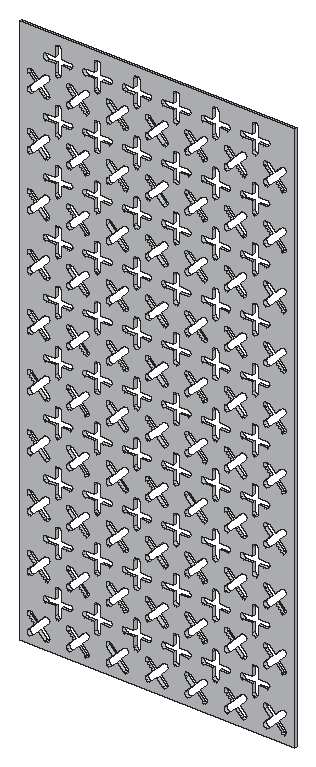
Revit family "J2 PET Felt Room Divider Jacks", category Specialty Equipment, Revit 2022
Family settings
  Round Connector Dimension = Use Diameter
  Part Type = Normal
  Work Plane-Based = No
  Always vertical = Yes
  Cut with Voids When Loaded = No
  Maintain Annotation Orientation = No
  Shared = No
  Room Calculation Point = No
Parameters
  URL = "https://www.j2systems.net/"
  Style Number = "RDJACK"  # constant formula
  Symbol Name = "RDJACK"  # constant formula
  Release Date = "2019"  # constant formula
  Product Line = "Room Divider"  # constant formula
  Model = "Jacks"  # constant formula
  Manufacturer = "J2 Systems"  # constant formula
  Keynote = ""
  Felt Color = none
  Default Elevation = 0' - 0"
Reference planes (in)
  plane 1 "Center (Front/Back)": y = 0
  plane 2: z = 0
  plane 3 "Center (Left/Right)": x = 0
Forms (in)
  Extrusion 1, solid, material <- "Felt Color"
    sketch origin (0, 0, 0) x (1, 0, 0) y (0, 0, 1)
      loop
        line (-23.5, 0) -> (23.5, 0) -> (23.5, 95) -> (-23.5, 95) -> (-23.5, 0)
      loop
        arc (-18.88181, 8.4526) -> (-19.42931, 7.90511) -> (-18.88181, 7.35761) r 0.5475
        line (-18.88181, 7.35761) -> (-17.4364, 7.35761) -> (-17.4364, 5.91219)
        arc (-17.4364, 5.91219) -> (-16.8889, 5.3647) -> (-16.3414, 5.91219) r 0.5475
        line (-16.3414, 5.91219) -> (-16.3414, 7.35761) -> (-14.89599, 7.35761)
        arc (-14.89599, 7.35761) -> (-14.34849, 7.90511) -> (-14.89599, 8.4526) r 0.5475
        line (-14.89599, 8.4526) -> (-16.3414, 8.4526) -> (-16.3414, 9.89802)
        arc (-16.3414, 9.89802) -> (-16.8889, 10.44552) -> (-17.4364, 9.89802) r 0.5475
        line (-17.4364, 9.89802) -> (-17.4364, 8.4526) -> (-18.88181, 8.4526)
      loop
        arc (-22.04581, 2.23542) -> (-22.04581, 1.46114) -> (-21.27153, 1.46114) r 0.5475
        line (-21.27153, 1.46114) -> (-20.24947, 2.4832) -> (-19.22741, 1.46114)
        arc (-19.22741, 1.46114) -> (-18.45313, 1.46114) -> (-18.45313, 2.23542) r 0.5475
        line (-18.45313, 2.23542) -> (-19.47519, 3.25748) -> (-18.45313, 4.27954)
        arc (-18.45313, 4.27954) -> (-18.45313, 5.05382) -> (-19.22741, 5.05382) r 0.5475
        line (-19.22741, 5.05382) -> (-20.24947, 4.03176) -> (-21.27153, 5.05382)
        arc (-21.27153, 5.05382) -> (-22.04581, 5.05382) -> (-22.04581, 4.27954) r 0.5475
        line (-22.04581, 4.27954) -> (-21.02375, 3.25748) -> (-22.04581, 2.23542)
      loop
        arc (-12.13181, 8.4526) -> (-12.67931, 7.90511) -> (-12.13181, 7.35761) r 0.5475
        line (-12.13181, 7.35761) -> (-10.6864, 7.35761) -> (-10.6864, 5.91219)
        arc (-10.6864, 5.91219) -> (-10.1389, 5.3647) -> (-9.5914, 5.91219) r 0.5475
        line (-9.5914, 5.91219) -> (-9.5914, 7.35761) -> (-8.14599, 7.35761)
        arc (-8.14599, 7.35761) -> (-7.59849, 7.90511) -> (-8.14599, 8.4526) r 0.5475
        line (-8.14599, 8.4526) -> (-9.5914, 8.4526) -> (-9.5914, 9.89802)
        arc (-9.5914, 9.89802) -> (-10.1389, 10.44552) -> (-10.6864, 9.89802) r 0.5475
        line (-10.6864, 9.89802) -> (-10.6864, 8.4526) -> (-12.13181, 8.4526)
      loop
        arc (-15.29581, 2.23542) -> (-15.29581, 1.46114) -> (-14.52153, 1.46114) r 0.5475
        line (-14.52153, 1.46114) -> (-13.49947, 2.4832) -> (-12.47741, 1.46114)
        arc (-12.47741, 1.46114) -> (-11.70313, 1.46114) -> (-11.70313, 2.23542) r 0.5475
        line (-11.70313, 2.23542) -> (-12.72519, 3.25748) -> (-11.70313, 4.27954)
        arc (-11.70313, 4.27954) -> (-11.70313, 5.05382) -> (-12.47741, 5.05382) r 0.5475
        line (-12.47741, 5.05382) -> (-13.49947, 4.03176) -> (-14.52153, 5.05382)
        arc (-14.52153, 5.05382) -> (-15.29581, 5.05382) -> (-15.29581, 4.27954) r 0.5475
        line (-15.29581, 4.27954) -> (-14.27375, 3.25748) -> (-15.29581, 2.23542)
      loop
        arc (-5.38181, 8.4526) -> (-5.92931, 7.90511) -> (-5.38181, 7.35761) r 0.5475
        line (-5.38181, 7.35761) -> (-3.9364, 7.35761) -> (-3.9364, 5.91219)
        arc (-3.9364, 5.91219) -> (-3.3889, 5.3647) -> (-2.8414, 5.91219) r 0.5475
        line (-2.8414, 5.91219) -> (-2.8414, 7.35761) -> (-1.39599, 7.35761)
        arc (-1.39599, 7.35761) -> (-0.84849, 7.90511) -> (-1.39599, 8.4526) r 0.5475
        line (-1.39599, 8.4526) -> (-2.8414, 8.4526) -> (-2.8414, 9.89802)
        arc (-2.8414, 9.89802) -> (-3.3889, 10.44552) -> (-3.9364, 9.89802) r 0.5475
        line (-3.9364, 9.89802) -> (-3.9364, 8.4526) -> (-5.38181, 8.4526)
      loop
        arc (-8.54581, 2.23542) -> (-8.54581, 1.46114) -> (-7.77153, 1.46114) r 0.5475
        line (-7.77153, 1.46114) -> (-6.74947, 2.4832) -> (-5.72741, 1.46114)
        arc (-5.72741, 1.46114) -> (-4.95313, 1.46114) -> (-4.95313, 2.23542) r 0.5475
        line (-4.95313, 2.23542) -> (-5.97519, 3.25748) -> (-4.95313, 4.27954)
        arc (-4.95313, 4.27954) -> (-4.95313, 5.05382) -> (-5.72741, 5.05382) r 0.5475
        line (-5.72741, 5.05382) -> (-6.74947, 4.03176) -> (-7.77153, 5.05382)
        arc (-7.77153, 5.05382) -> (-8.54581, 5.05382) -> (-8.54581, 4.27954) r 0.5475
        line (-8.54581, 4.27954) -> (-7.52375, 3.25748) -> (-8.54581, 2.23542)
      loop
        arc (1.36819, 8.4526) -> (0.82069, 7.90511) -> (1.36819, 7.35761) r 0.5475
        line (1.36819, 7.35761) -> (2.8136, 7.35761) -> (2.8136, 5.91219)
        arc (2.8136, 5.91219) -> (3.3611, 5.3647) -> (3.9086, 5.91219) r 0.5475
        line (3.9086, 5.91219) -> (3.9086, 7.35761) -> (5.35401, 7.35761)
        arc (5.35401, 7.35761) -> (5.90151, 7.90511) -> (5.35401, 8.4526) r 0.5475
        line (5.35401, 8.4526) -> (3.9086, 8.4526) -> (3.9086, 9.89802)
        arc (3.9086, 9.89802) -> (3.3611, 10.44552) -> (2.8136, 9.89802) r 0.5475
        line (2.8136, 9.89802) -> (2.8136, 8.4526) -> (1.36819, 8.4526)
      loop
        arc (-1.79581, 2.23542) -> (-1.79581, 1.46114) -> (-1.02153, 1.46114) r 0.5475
        line (-1.02153, 1.46114) -> (0.00053, 2.4832) -> (1.02259, 1.46114)
        arc (1.02259, 1.46114) -> (1.79687, 1.46114) -> (1.79687, 2.23542) r 0.5475
        line (1.79687, 2.23542) -> (0.77481, 3.25748) -> (1.79687, 4.27954)
        arc (1.79687, 4.27954) -> (1.79687, 5.05382) -> (1.02259, 5.05382) r 0.5475
        line (1.02259, 5.05382) -> (0.00053, 4.03176) -> (-1.02153, 5.05382)
        arc (-1.02153, 5.05382) -> (-1.79581, 5.05382) -> (-1.79581, 4.27954) r 0.5475
        line (-1.79581, 4.27954) -> (-0.77375, 3.25748) -> (-1.79581, 2.23542)
      loop
        arc (8.11819, 8.4526) -> (7.57069, 7.90511) -> (8.11819, 7.35761) r 0.5475
        line (8.11819, 7.35761) -> (9.5636, 7.35761) -> (9.5636, 5.91219)
        arc (9.5636, 5.91219) -> (10.1111, 5.3647) -> (10.6586, 5.91219) r 0.5475
        line (10.6586, 5.91219) -> (10.6586, 7.35761) -> (12.10401, 7.35761)
        arc (12.10401, 7.35761) -> (12.65151, 7.90511) -> (12.10401, 8.4526) r 0.5475
        line (12.10401, 8.4526) -> (10.6586, 8.4526) -> (10.6586, 9.89802)
        arc (10.6586, 9.89802) -> (10.1111, 10.44552) -> (9.5636, 9.89802) r 0.5475
        line (9.5636, 9.89802) -> (9.5636, 8.4526) -> (8.11819, 8.4526)
      loop
        arc (4.95419, 2.23542) -> (4.95419, 1.46114) -> (5.72847, 1.46114) r 0.5475
        line (5.72847, 1.46114) -> (6.75053, 2.4832) -> (7.77259, 1.46114)
        arc (7.77259, 1.46114) -> (8.54687, 1.46114) -> (8.54687, 2.23542) r 0.5475
        line (8.54687, 2.23542) -> (7.52481, 3.25748) -> (8.54687, 4.27954)
        arc (8.54687, 4.27954) -> (8.54687, 5.05382) -> (7.77259, 5.05382) r 0.5475
        line (7.77259, 5.05382) -> (6.75053, 4.03176) -> (5.72847, 5.05382)
        arc (5.72847, 5.05382) -> (4.95419, 5.05382) -> (4.95419, 4.27954) r 0.5475
        line (4.95419, 4.27954) -> (5.97625, 3.25748) -> (4.95419, 2.23542)
      loop
        arc (14.86819, 8.4526) -> (14.32069, 7.90511) -> (14.86819, 7.35761) r 0.5475
        line (14.86819, 7.35761) -> (16.3136, 7.35761) -> (16.3136, 5.91219)
        arc (16.3136, 5.91219) -> (16.8611, 5.3647) -> (17.4086, 5.91219) r 0.5475
        line (17.4086, 5.91219) -> (17.4086, 7.35761) -> (18.85401, 7.35761)
        arc (18.85401, 7.35761) -> (19.40151, 7.90511) -> (18.85401, 8.4526) r 0.5475
        line (18.85401, 8.4526) -> (17.4086, 8.4526) -> (17.4086, 9.89802)
        arc (17.4086, 9.89802) -> (16.8611, 10.44552) -> (16.3136, 9.89802) r 0.5475
        line (16.3136, 9.89802) -> (16.3136, 8.4526) -> (14.86819, 8.4526)
      loop
        arc (11.70419, 2.23542) -> (11.70419, 1.46114) -> (12.47847, 1.46114) r 0.5475
        line (12.47847, 1.46114) -> (13.50053, 2.4832) -> (14.52259, 1.46114)
        arc (14.52259, 1.46114) -> (15.29687, 1.46114) -> (15.29687, 2.23542) r 0.5475
        line (15.29687, 2.23542) -> (14.27481, 3.25748) -> (15.29688, 4.27954)
        arc (15.29688, 4.27954) -> (15.29687, 5.05382) -> (14.52259, 5.05382) r 0.5475
        line (14.52259, 5.05382) -> (13.50053, 4.03176) -> (12.47847, 5.05382)
        arc (12.47847, 5.05382) -> (11.70419, 5.05382) -> (11.70419, 4.27954) r 0.5475
        line (11.70419, 4.27954) -> (12.72625, 3.25748) -> (11.70419, 2.23542)
      loop
        arc (18.45419, 2.23542) -> (18.45419, 1.46114) -> (19.22847, 1.46114) r 0.5475
        line (19.22847, 1.46114) -> (20.25053, 2.4832) -> (21.27259, 1.46114)
        arc (21.27259, 1.46114) -> (22.04687, 1.46114) -> (22.04687, 2.23542) r 0.5475
        line (22.04687, 2.23542) -> (21.02481, 3.25748) -> (22.04688, 4.27954)
        arc (22.04688, 4.27954) -> (22.04687, 5.05382) -> (21.27259, 5.05382) r 0.5475
        line (21.27259, 5.05382) -> (20.25053, 4.03176) -> (19.22847, 5.05382)
        arc (19.22847, 5.05382) -> (18.45419, 5.05382) -> (18.45419, 4.27954) r 0.5475
        line (18.45419, 4.27954) -> (19.47625, 3.25748) -> (18.45419, 2.23542)
      loop
        arc (-18.88181, 17.7026) -> (-19.42931, 17.15511) -> (-18.88181, 16.60761) r 0.5475
        line (-18.88181, 16.60761) -> (-17.4364, 16.60761) -> (-17.4364, 15.16219)
        arc (-17.4364, 15.16219) -> (-16.8889, 14.6147) -> (-16.3414, 15.16219) r 0.5475
        line (-16.3414, 15.16219) -> (-16.3414, 16.60761) -> (-14.89599, 16.60761)
        arc (-14.89599, 16.60761) -> (-14.34849, 17.15511) -> (-14.89599, 17.7026) r 0.5475
        line (-14.89599, 17.7026) -> (-16.3414, 17.7026) -> (-16.3414, 19.14802)
        arc (-16.3414, 19.14802) -> (-16.8889, 19.69552) -> (-17.4364, 19.14802) r 0.5475
        line (-17.4364, 19.14802) -> (-17.4364, 17.7026) -> (-18.88181, 17.7026)
      loop
        arc (-22.04581, 11.48542) -> (-22.04581, 10.71114) -> (-21.27153, 10.71114) r 0.5475
        line (-21.27153, 10.71114) -> (-20.24947, 11.7332) -> (-19.22741, 10.71114)
        arc (-19.22741, 10.71114) -> (-18.45312, 10.71114) -> (-18.45312, 11.48542) r 0.5475
        line (-18.45312, 11.48542) -> (-19.47519, 12.50748) -> (-18.45312, 13.52954)
        arc (-18.45312, 13.52954) -> (-18.45312, 14.30382) -> (-19.22741, 14.30382) r 0.5475
        line (-19.22741, 14.30382) -> (-20.24947, 13.28176) -> (-21.27153, 14.30382)
        arc (-21.27153, 14.30382) -> (-22.04581, 14.30382) -> (-22.04581, 13.52954) r 0.5475
        line (-22.04581, 13.52954) -> (-21.02375, 12.50748) -> (-22.04581, 11.48542)
      loop
        arc (-12.13181, 17.7026) -> (-12.67931, 17.15511) -> (-12.13181, 16.60761) r 0.5475
        line (-12.13181, 16.60761) -> (-10.6864, 16.60761) -> (-10.6864, 15.16219)
        arc (-10.6864, 15.16219) -> (-10.1389, 14.6147) -> (-9.5914, 15.16219) r 0.5475
        line (-9.5914, 15.16219) -> (-9.5914, 16.60761) -> (-8.14599, 16.60761)
        arc (-8.14599, 16.60761) -> (-7.59849, 17.15511) -> (-8.14599, 17.7026) r 0.5475
        line (-8.14599, 17.7026) -> (-9.5914, 17.7026) -> (-9.5914, 19.14802)
        arc (-9.5914, 19.14802) -> (-10.1389, 19.69552) -> (-10.6864, 19.14802) r 0.5475
        line (-10.6864, 19.14802) -> (-10.6864, 17.7026) -> (-12.13181, 17.7026)
      loop
        arc (-15.29581, 11.48542) -> (-15.29581, 10.71114) -> (-14.52153, 10.71114) r 0.5475
        line (-14.52153, 10.71114) -> (-13.49947, 11.7332) -> (-12.47741, 10.71114)
        arc (-12.47741, 10.71114) -> (-11.70312, 10.71114) -> (-11.70312, 11.48542) r 0.5475
        line (-11.70312, 11.48542) -> (-12.72519, 12.50748) -> (-11.70312, 13.52954)
        arc (-11.70312, 13.52954) -> (-11.70312, 14.30382) -> (-12.47741, 14.30382) r 0.5475
        line (-12.47741, 14.30382) -> (-13.49947, 13.28176) -> (-14.52153, 14.30382)
        arc (-14.52153, 14.30382) -> (-15.29581, 14.30382) -> (-15.29581, 13.52954) r 0.5475
        line (-15.29581, 13.52954) -> (-14.27375, 12.50748) -> (-15.29581, 11.48542)
      loop
        arc (-5.38181, 17.7026) -> (-5.92931, 17.15511) -> (-5.38181, 16.60761) r 0.5475
        line (-5.38181, 16.60761) -> (-3.9364, 16.60761) -> (-3.9364, 15.16219)
        arc (-3.9364, 15.16219) -> (-3.3889, 14.6147) -> (-2.8414, 15.16219) r 0.5475
        line (-2.8414, 15.16219) -> (-2.8414, 16.60761) -> (-1.39599, 16.60761)
        arc (-1.39599, 16.60761) -> (-0.84849, 17.15511) -> (-1.39599, 17.7026) r 0.5475
        line (-1.39599, 17.7026) -> (-2.8414, 17.7026) -> (-2.8414, 19.14802)
        arc (-2.8414, 19.14802) -> (-3.3889, 19.69552) -> (-3.9364, 19.14802) r 0.5475
        line (-3.9364, 19.14802) -> (-3.9364, 17.7026) -> (-5.38181, 17.7026)
      loop
        arc (-8.54581, 11.48542) -> (-8.54581, 10.71114) -> (-7.77153, 10.71114) r 0.5475
        line (-7.77153, 10.71114) -> (-6.74947, 11.7332) -> (-5.72741, 10.71114)
        arc (-5.72741, 10.71114) -> (-4.95312, 10.71114) -> (-4.95312, 11.48542) r 0.5475
        line (-4.95312, 11.48542) -> (-5.97519, 12.50748) -> (-4.95312, 13.52954)
        arc (-4.95312, 13.52954) -> (-4.95312, 14.30382) -> (-5.72741, 14.30382) r 0.5475
        line (-5.72741, 14.30382) -> (-6.74947, 13.28176) -> (-7.77153, 14.30382)
        arc (-7.77153, 14.30382) -> (-8.54581, 14.30382) -> (-8.54581, 13.52954) r 0.5475
        line (-8.54581, 13.52954) -> (-7.52375, 12.50748) -> (-8.54581, 11.48542)
      loop
        arc (1.36819, 17.7026) -> (0.82069, 17.15511) -> (1.36819, 16.60761) r 0.5475
        line (1.36819, 16.60761) -> (2.8136, 16.60761) -> (2.8136, 15.16219)
        arc (2.8136, 15.16219) -> (3.3611, 14.6147) -> (3.9086, 15.16219) r 0.5475
        line (3.9086, 15.16219) -> (3.9086, 16.60761) -> (5.35401, 16.60761)
        arc (5.35401, 16.60761) -> (5.90151, 17.15511) -> (5.35401, 17.7026) r 0.5475
        line (5.35401, 17.7026) -> (3.9086, 17.7026) -> (3.9086, 19.14802)
        arc (3.9086, 19.14802) -> (3.3611, 19.69552) -> (2.8136, 19.14802) r 0.5475
        line (2.8136, 19.14802) -> (2.8136, 17.7026) -> (1.36819, 17.7026)
      loop
        arc (-1.79581, 11.48542) -> (-1.79581, 10.71114) -> (-1.02153, 10.71114) r 0.5475
        line (-1.02153, 10.71114) -> (0.00053, 11.7332) -> (1.02259, 10.71114)
        arc (1.02259, 10.71114) -> (1.79687, 10.71114) -> (1.79688, 11.48542) r 0.5475
        line (1.79688, 11.48542) -> (0.77481, 12.50748) -> (1.79688, 13.52954)
        arc (1.79688, 13.52954) -> (1.79688, 14.30382) -> (1.02259, 14.30382) r 0.5475
        line (1.02259, 14.30382) -> (0.00053, 13.28176) -> (-1.02153, 14.30382)
        arc (-1.02153, 14.30382) -> (-1.79581, 14.30382) -> (-1.79581, 13.52954) r 0.5475
        line (-1.79581, 13.52954) -> (-0.77375, 12.50748) -> (-1.79581, 11.48542)
      loop
        arc (8.11819, 17.7026) -> (7.57069, 17.15511) -> (8.11819, 16.60761) r 0.5475
        line (8.11819, 16.60761) -> (9.5636, 16.60761) -> (9.5636, 15.16219)
        arc (9.5636, 15.16219) -> (10.1111, 14.6147) -> (10.6586, 15.16219) r 0.5475
        line (10.6586, 15.16219) -> (10.6586, 16.60761) -> (12.10401, 16.60761)
        arc (12.10401, 16.60761) -> (12.65151, 17.15511) -> (12.10401, 17.7026) r 0.5475
        line (12.10401, 17.7026) -> (10.6586, 17.7026) -> (10.6586, 19.14802)
        arc (10.6586, 19.14802) -> (10.1111, 19.69552) -> (9.5636, 19.14802) r 0.5475
        line (9.5636, 19.14802) -> (9.5636, 17.7026) -> (8.11819, 17.7026)
      loop
        arc (4.95419, 11.48542) -> (4.95419, 10.71114) -> (5.72847, 10.71114) r 0.5475
        line (5.72847, 10.71114) -> (6.75053, 11.7332) -> (7.77259, 10.71114)
        arc (7.77259, 10.71114) -> (8.54688, 10.71114) -> (8.54688, 11.48542) r 0.5475
        line (8.54688, 11.48542) -> (7.52481, 12.50748) -> (8.54688, 13.52954)
        arc (8.54688, 13.52954) -> (8.54688, 14.30382) -> (7.77259, 14.30382) r 0.5475
        line (7.77259, 14.30382) -> (6.75053, 13.28176) -> (5.72847, 14.30382)
        arc (5.72847, 14.30382) -> (4.95419, 14.30382) -> (4.95419, 13.52954) r 0.5475
        line (4.95419, 13.52954) -> (5.97625, 12.50748) -> (4.95419, 11.48542)
      loop
        arc (14.86819, 17.7026) -> (14.32069, 17.15511) -> (14.86819, 16.60761) r 0.5475
        line (14.86819, 16.60761) -> (16.3136, 16.60761) -> (16.3136, 15.16219)
        arc (16.3136, 15.16219) -> (16.8611, 14.6147) -> (17.4086, 15.16219) r 0.5475
        line (17.4086, 15.16219) -> (17.4086, 16.60761) -> (18.85401, 16.60761)
        arc (18.85401, 16.60761) -> (19.40151, 17.15511) -> (18.85401, 17.7026) r 0.5475
        line (18.85401, 17.7026) -> (17.4086, 17.7026) -> (17.4086, 19.14802)
        arc (17.4086, 19.14802) -> (16.8611, 19.69552) -> (16.3136, 19.14802) r 0.5475
        line (16.3136, 19.14802) -> (16.3136, 17.7026) -> (14.86819, 17.7026)
      loop
        arc (11.70419, 11.48542) -> (11.70419, 10.71114) -> (12.47847, 10.71114) r 0.5475
        line (12.47847, 10.71114) -> (13.50053, 11.7332) -> (14.52259, 10.71114)
        arc (14.52259, 10.71114) -> (15.29688, 10.71114) -> (15.29688, 11.48542) r 0.5475
        line (15.29688, 11.48542) -> (14.27481, 12.50748) -> (15.29688, 13.52954)
        arc (15.29688, 13.52954) -> (15.29688, 14.30382) -> (14.52259, 14.30382) r 0.5475
        line (14.52259, 14.30382) -> (13.50053, 13.28176) -> (12.47847, 14.30382)
        arc (12.47847, 14.30382) -> (11.70419, 14.30382) -> (11.70419, 13.52954) r 0.5475
        line (11.70419, 13.52954) -> (12.72625, 12.50748) -> (11.70419, 11.48542)
      loop
        arc (18.45419, 11.48542) -> (18.45419, 10.71114) -> (19.22847, 10.71114) r 0.5475
        line (19.22847, 10.71114) -> (20.25053, 11.7332) -> (21.27259, 10.71114)
        arc (21.27259, 10.71114) -> (22.04688, 10.71114) -> (22.04688, 11.48542) r 0.5475
        line (22.04688, 11.48542) -> (21.02481, 12.50748) -> (22.04688, 13.52954)
        arc (22.04688, 13.52954) -> (22.04688, 14.30382) -> (21.27259, 14.30382) r 0.5475
        line (21.27259, 14.30382) -> (20.25053, 13.28176) -> (19.22847, 14.30382)
        arc (19.22847, 14.30382) -> (18.45419, 14.30382) -> (18.45419, 13.52954) r 0.5475
        line (18.45419, 13.52954) -> (19.47625, 12.50748) -> (18.45419, 11.48542)
      loop
        arc (-18.88181, 26.9526) -> (-19.42931, 26.40511) -> (-18.88181, 25.85761) r 0.5475
        line (-18.88181, 25.85761) -> (-17.4364, 25.85761) -> (-17.4364, 24.41219)
        arc (-17.4364, 24.41219) -> (-16.8889, 23.8647) -> (-16.3414, 24.41219) r 0.5475
        line (-16.3414, 24.41219) -> (-16.3414, 25.85761) -> (-14.89599, 25.85761)
        arc (-14.89599, 25.85761) -> (-14.34849, 26.40511) -> (-14.89599, 26.9526) r 0.5475
        line (-14.89599, 26.9526) -> (-16.3414, 26.9526) -> (-16.3414, 28.39802)
        arc (-16.3414, 28.39802) -> (-16.8889, 28.94552) -> (-17.4364, 28.39802) r 0.5475
        line (-17.4364, 28.39802) -> (-17.4364, 26.9526) -> (-18.88181, 26.9526)
      loop
        arc (-22.04581, 20.73542) -> (-22.04581, 19.96114) -> (-21.27153, 19.96114) r 0.5475
        line (-21.27153, 19.96114) -> (-20.24947, 20.9832) -> (-19.22741, 19.96114)
        arc (-19.22741, 19.96114) -> (-18.45312, 19.96114) -> (-18.45312, 20.73542) r 0.5475
        line (-18.45312, 20.73542) -> (-19.47519, 21.75748) -> (-18.45312, 22.77954)
        arc (-18.45312, 22.77954) -> (-18.45312, 23.55382) -> (-19.22741, 23.55382) r 0.5475
        line (-19.22741, 23.55382) -> (-20.24947, 22.53176) -> (-21.27153, 23.55382)
        arc (-21.27153, 23.55382) -> (-22.04581, 23.55382) -> (-22.04581, 22.77954) r 0.5475
        line (-22.04581, 22.77954) -> (-21.02375, 21.75748) -> (-22.04581, 20.73542)
      loop
        arc (-12.13181, 26.9526) -> (-12.67931, 26.40511) -> (-12.13181, 25.85761) r 0.5475
        line (-12.13181, 25.85761) -> (-10.6864, 25.85761) -> (-10.6864, 24.41219)
        arc (-10.6864, 24.41219) -> (-10.1389, 23.8647) -> (-9.5914, 24.41219) r 0.5475
        line (-9.5914, 24.41219) -> (-9.5914, 25.85761) -> (-8.14599, 25.85761)
        arc (-8.14599, 25.85761) -> (-7.59849, 26.40511) -> (-8.14599, 26.9526) r 0.5475
        line (-8.14599, 26.9526) -> (-9.5914, 26.9526) -> (-9.5914, 28.39802)
        arc (-9.5914, 28.39802) -> (-10.1389, 28.94552) -> (-10.6864, 28.39802) r 0.5475
        line (-10.6864, 28.39802) -> (-10.6864, 26.9526) -> (-12.13181, 26.9526)
      loop
        arc (-15.29581, 20.73542) -> (-15.29581, 19.96114) -> (-14.52153, 19.96114) r 0.5475
        line (-14.52153, 19.96114) -> (-13.49947, 20.9832) -> (-12.47741, 19.96114)
        arc (-12.47741, 19.96114) -> (-11.70312, 19.96114) -> (-11.70312, 20.73542) r 0.5475
        line (-11.70312, 20.73542) -> (-12.72519, 21.75748) -> (-11.70312, 22.77954)
        arc (-11.70312, 22.77954) -> (-11.70312, 23.55382) -> (-12.47741, 23.55382) r 0.5475
        line (-12.47741, 23.55382) -> (-13.49947, 22.53176) -> (-14.52153, 23.55382)
        arc (-14.52153, 23.55382) -> (-15.29581, 23.55382) -> (-15.29581, 22.77954) r 0.5475
        line (-15.29581, 22.77954) -> (-14.27375, 21.75748) -> (-15.29581, 20.73542)
      loop
        arc (-5.38181, 26.9526) -> (-5.92931, 26.40511) -> (-5.38181, 25.85761) r 0.5475
        line (-5.38181, 25.85761) -> (-3.9364, 25.85761) -> (-3.9364, 24.41219)
        arc (-3.9364, 24.41219) -> (-3.3889, 23.8647) -> (-2.8414, 24.41219) r 0.5475
        line (-2.8414, 24.41219) -> (-2.8414, 25.85761) -> (-1.39599, 25.85761)
        arc (-1.39599, 25.85761) -> (-0.84849, 26.40511) -> (-1.39599, 26.9526) r 0.5475
        line (-1.39599, 26.9526) -> (-2.8414, 26.9526) -> (-2.8414, 28.39802)
        arc (-2.8414, 28.39802) -> (-3.3889, 28.94552) -> (-3.9364, 28.39802) r 0.5475
        line (-3.9364, 28.39802) -> (-3.9364, 26.9526) -> (-5.38181, 26.9526)
      loop
        arc (-8.54581, 20.73542) -> (-8.54581, 19.96114) -> (-7.77153, 19.96114) r 0.5475
        line (-7.77153, 19.96114) -> (-6.74947, 20.9832) -> (-5.72741, 19.96114)
        arc (-5.72741, 19.96114) -> (-4.95312, 19.96114) -> (-4.95312, 20.73542) r 0.5475
        line (-4.95312, 20.73542) -> (-5.97519, 21.75748) -> (-4.95312, 22.77954)
        arc (-4.95312, 22.77954) -> (-4.95312, 23.55382) -> (-5.72741, 23.55382) r 0.5475
        line (-5.72741, 23.55382) -> (-6.74947, 22.53176) -> (-7.77153, 23.55382)
        arc (-7.77153, 23.55382) -> (-8.54581, 23.55382) -> (-8.54581, 22.77954) r 0.5475
        line (-8.54581, 22.77954) -> (-7.52375, 21.75748) -> (-8.54581, 20.73542)
      loop
        arc (1.36819, 26.9526) -> (0.82069, 26.40511) -> (1.36819, 25.85761) r 0.5475
        line (1.36819, 25.85761) -> (2.8136, 25.85761) -> (2.8136, 24.41219)
        arc (2.8136, 24.41219) -> (3.3611, 23.8647) -> (3.9086, 24.41219) r 0.5475
        line (3.9086, 24.41219) -> (3.9086, 25.85761) -> (5.35401, 25.85761)
        arc (5.35401, 25.85761) -> (5.90151, 26.40511) -> (5.35401, 26.9526) r 0.5475
        line (5.35401, 26.9526) -> (3.9086, 26.9526) -> (3.9086, 28.39802)
        arc (3.9086, 28.39802) -> (3.3611, 28.94552) -> (2.8136, 28.39802) r 0.5475
        line (2.8136, 28.39802) -> (2.8136, 26.9526) -> (1.36819, 26.9526)
      loop
        arc (-1.79581, 20.73542) -> (-1.79581, 19.96114) -> (-1.02153, 19.96114) r 0.5475
        line (-1.02153, 19.96114) -> (0.00053, 20.9832) -> (1.02259, 19.96114)
        arc (1.02259, 19.96114) -> (1.79688, 19.96114) -> (1.79688, 20.73542) r 0.5475
        line (1.79688, 20.73542) -> (0.77481, 21.75748) -> (1.79688, 22.77954)
        arc (1.79688, 22.77954) -> (1.79688, 23.55382) -> (1.02259, 23.55382) r 0.5475
        line (1.02259, 23.55382) -> (0.00053, 22.53176) -> (-1.02153, 23.55382)
        arc (-1.02153, 23.55382) -> (-1.79581, 23.55382) -> (-1.79581, 22.77954) r 0.5475
        line (-1.79581, 22.77954) -> (-0.77375, 21.75748) -> (-1.79581, 20.73542)
      loop
        arc (8.11819, 26.9526) -> (7.57069, 26.40511) -> (8.11819, 25.85761) r 0.5475
        line (8.11819, 25.85761) -> (9.5636, 25.85761) -> (9.5636, 24.41219)
        arc (9.5636, 24.41219) -> (10.1111, 23.8647) -> (10.6586, 24.41219) r 0.5475
        line (10.6586, 24.41219) -> (10.6586, 25.85761) -> (12.10401, 25.85761)
        arc (12.10401, 25.85761) -> (12.65151, 26.40511) -> (12.10401, 26.9526) r 0.5475
        line (12.10401, 26.9526) -> (10.6586, 26.9526) -> (10.6586, 28.39802)
        arc (10.6586, 28.39802) -> (10.1111, 28.94552) -> (9.5636, 28.39802) r 0.5475
        line (9.5636, 28.39802) -> (9.5636, 26.9526) -> (8.11819, 26.9526)
      loop
        arc (4.95419, 20.73542) -> (4.95419, 19.96114) -> (5.72847, 19.96114) r 0.5475
        line (5.72847, 19.96114) -> (6.75053, 20.9832) -> (7.77259, 19.96114)
        arc (7.77259, 19.96114) -> (8.54688, 19.96114) -> (8.54688, 20.73542) r 0.5475
        line (8.54688, 20.73542) -> (7.52481, 21.75748) -> (8.54688, 22.77954)
        arc (8.54688, 22.77954) -> (8.54688, 23.55382) -> (7.77259, 23.55382) r 0.5475
        line (7.77259, 23.55382) -> (6.75053, 22.53176) -> (5.72847, 23.55382)
        arc (5.72847, 23.55382) -> (4.95419, 23.55382) -> (4.95419, 22.77954) r 0.5475
        line (4.95419, 22.77954) -> (5.97625, 21.75748) -> (4.95419, 20.73542)
      loop
        arc (14.86819, 26.9526) -> (14.32069, 26.40511) -> (14.86819, 25.85761) r 0.5475
        line (14.86819, 25.85761) -> (16.3136, 25.85761) -> (16.3136, 24.41219)
        arc (16.3136, 24.41219) -> (16.8611, 23.8647) -> (17.4086, 24.41219) r 0.5475
        line (17.4086, 24.41219) -> (17.4086, 25.85761) -> (18.85401, 25.85761)
        arc (18.85401, 25.85761) -> (19.40151, 26.40511) -> (18.85401, 26.9526) r 0.5475
        line (18.85401, 26.9526) -> (17.4086, 26.9526) -> (17.4086, 28.39802)
        arc (17.4086, 28.39802) -> (16.8611, 28.94552) -> (16.3136, 28.39802) r 0.5475
        line (16.3136, 28.39802) -> (16.3136, 26.9526) -> (14.86819, 26.9526)
      loop
        arc (11.70419, 20.73542) -> (11.70419, 19.96114) -> (12.47847, 19.96114) r 0.5475
        line (12.47847, 19.96114) -> (13.50053, 20.9832) -> (14.52259, 19.96114)
        arc (14.52259, 19.96114) -> (15.29688, 19.96114) -> (15.29688, 20.73542) r 0.5475
        line (15.29688, 20.73542) -> (14.27481, 21.75748) -> (15.29688, 22.77954)
        arc (15.29688, 22.77954) -> (15.29688, 23.55382) -> (14.52259, 23.55382) r 0.5475
        line (14.52259, 23.55382) -> (13.50053, 22.53176) -> (12.47847, 23.55382)
        arc (12.47847, 23.55382) -> (11.70419, 23.55382) -> (11.70419, 22.77954) r 0.5475
        line (11.70419, 22.77954) -> (12.72625, 21.75748) -> (11.70419, 20.73542)
      loop
        arc (18.45419, 20.73542) -> (18.45419, 19.96114) -> (19.22847, 19.96114) r 0.5475
        line (19.22847, 19.96114) -> (20.25053, 20.9832) -> (21.27259, 19.96114)
        arc (21.27259, 19.96114) -> (22.04688, 19.96114) -> (22.04688, 20.73542) r 0.5475
        line (22.04688, 20.73542) -> (21.02481, 21.75748) -> (22.04688, 22.77954)
        arc (22.04688, 22.77954) -> (22.04688, 23.55382) -> (21.27259, 23.55382) r 0.5475
        line (21.27259, 23.55382) -> (20.25053, 22.53176) -> (19.22847, 23.55382)
        arc (19.22847, 23.55382) -> (18.45419, 23.55382) -> (18.45419, 22.77954) r 0.5475
        line (18.45419, 22.77954) -> (19.47625, 21.75748) -> (18.45419, 20.73542)
      loop
        arc (-18.88181, 36.2026) -> (-19.42931, 35.65511) -> (-18.88181, 35.10761) r 0.5475
        line (-18.88181, 35.10761) -> (-17.4364, 35.10761) -> (-17.4364, 33.66219)
        arc (-17.4364, 33.66219) -> (-16.8889, 33.1147) -> (-16.3414, 33.66219) r 0.5475
        line (-16.3414, 33.66219) -> (-16.3414, 35.10761) -> (-14.89599, 35.10761)
        arc (-14.89599, 35.10761) -> (-14.34849, 35.65511) -> (-14.89599, 36.2026) r 0.5475
        line (-14.89599, 36.2026) -> (-16.3414, 36.2026) -> (-16.3414, 37.64802)
        arc (-16.3414, 37.64802) -> (-16.8889, 38.19552) -> (-17.4364, 37.64802) r 0.5475
        line (-17.4364, 37.64802) -> (-17.4364, 36.2026) -> (-18.88181, 36.2026)
      loop
        arc (-22.04581, 29.98542) -> (-22.04581, 29.21114) -> (-21.27153, 29.21114) r 0.5475
        line (-21.27153, 29.21114) -> (-20.24947, 30.2332) -> (-19.22741, 29.21114)
        arc (-19.22741, 29.21114) -> (-18.45312, 29.21114) -> (-18.45312, 29.98542) r 0.5475
        line (-18.45312, 29.98542) -> (-19.47519, 31.00748) -> (-18.45312, 32.02954)
        arc (-18.45312, 32.02954) -> (-18.45312, 32.80382) -> (-19.22741, 32.80382) r 0.5475
        line (-19.22741, 32.80382) -> (-20.24947, 31.78176) -> (-21.27153, 32.80382)
        arc (-21.27153, 32.80382) -> (-22.04581, 32.80382) -> (-22.04581, 32.02954) r 0.5475
        line (-22.04581, 32.02954) -> (-21.02375, 31.00748) -> (-22.04581, 29.98542)
      loop
        arc (-12.13181, 36.2026) -> (-12.67931, 35.65511) -> (-12.13181, 35.10761) r 0.5475
        line (-12.13181, 35.10761) -> (-10.6864, 35.10761) -> (-10.6864, 33.66219)
        arc (-10.6864, 33.66219) -> (-10.1389, 33.1147) -> (-9.5914, 33.66219) r 0.5475
        line (-9.5914, 33.66219) -> (-9.5914, 35.10761) -> (-8.14599, 35.10761)
        arc (-8.14599, 35.10761) -> (-7.59849, 35.65511) -> (-8.14599, 36.2026) r 0.5475
        line (-8.14599, 36.2026) -> (-9.5914, 36.2026) -> (-9.5914, 37.64802)
        arc (-9.5914, 37.64802) -> (-10.1389, 38.19552) -> (-10.6864, 37.64802) r 0.5475
        line (-10.6864, 37.64802) -> (-10.6864, 36.2026) -> (-12.13181, 36.2026)
      loop
        arc (-15.29581, 29.98542) -> (-15.29581, 29.21114) -> (-14.52153, 29.21114) r 0.5475
        line (-14.52153, 29.21114) -> (-13.49947, 30.2332) -> (-12.47741, 29.21114)
        arc (-12.47741, 29.21114) -> (-11.70312, 29.21114) -> (-11.70312, 29.98542) r 0.5475
        line (-11.70312, 29.98542) -> (-12.72519, 31.00748) -> (-11.70312, 32.02954)
        arc (-11.70312, 32.02954) -> (-11.70312, 32.80382) -> (-12.47741, 32.80382) r 0.5475
        line (-12.47741, 32.80382) -> (-13.49947, 31.78176) -> (-14.52153, 32.80382)
        arc (-14.52153, 32.80382) -> (-15.29581, 32.80382) -> (-15.29581, 32.02954) r 0.5475
        line (-15.29581, 32.02954) -> (-14.27375, 31.00748) -> (-15.29581, 29.98542)
      loop
        arc (-5.38181, 36.2026) -> (-5.92931, 35.65511) -> (-5.38181, 35.10761) r 0.5475
        line (-5.38181, 35.10761) -> (-3.9364, 35.10761) -> (-3.9364, 33.66219)
        arc (-3.9364, 33.66219) -> (-3.3889, 33.1147) -> (-2.8414, 33.66219) r 0.5475
        line (-2.8414, 33.66219) -> (-2.8414, 35.10761) -> (-1.39599, 35.10761)
        arc (-1.39599, 35.10761) -> (-0.84849, 35.65511) -> (-1.39599, 36.2026) r 0.5475
        line (-1.39599, 36.2026) -> (-2.8414, 36.2026) -> (-2.8414, 37.64802)
        arc (-2.8414, 37.64802) -> (-3.3889, 38.19552) -> (-3.9364, 37.64802) r 0.5475
        line (-3.9364, 37.64802) -> (-3.9364, 36.2026) -> (-5.38181, 36.2026)
      loop
        arc (-8.54581, 29.98542) -> (-8.54581, 29.21114) -> (-7.77153, 29.21114) r 0.5475
        line (-7.77153, 29.21114) -> (-6.74947, 30.2332) -> (-5.72741, 29.21114)
        arc (-5.72741, 29.21114) -> (-4.95312, 29.21114) -> (-4.95312, 29.98542) r 0.5475
        line (-4.95312, 29.98542) -> (-5.97519, 31.00748) -> (-4.95312, 32.02954)
        arc (-4.95312, 32.02954) -> (-4.95312, 32.80382) -> (-5.72741, 32.80382) r 0.5475
        line (-5.72741, 32.80382) -> (-6.74947, 31.78176) -> (-7.77153, 32.80382)
        arc (-7.77153, 32.80382) -> (-8.54581, 32.80382) -> (-8.54581, 32.02954) r 0.5475
        line (-8.54581, 32.02954) -> (-7.52375, 31.00748) -> (-8.54581, 29.98542)
      loop
        arc (1.36819, 36.2026) -> (0.82069, 35.65511) -> (1.36819, 35.10761) r 0.5475
        line (1.36819, 35.10761) -> (2.8136, 35.10761) -> (2.8136, 33.66219)
        arc (2.8136, 33.66219) -> (3.3611, 33.1147) -> (3.9086, 33.66219) r 0.5475
        line (3.9086, 33.66219) -> (3.9086, 35.10761) -> (5.35401, 35.10761)
        arc (5.35401, 35.10761) -> (5.90151, 35.65511) -> (5.35401, 36.2026) r 0.5475
        line (5.35401, 36.2026) -> (3.9086, 36.2026) -> (3.9086, 37.64802)
        arc (3.9086, 37.64802) -> (3.3611, 38.19552) -> (2.8136, 37.64802) r 0.5475
        line (2.8136, 37.64802) -> (2.8136, 36.2026) -> (1.36819, 36.2026)
      loop
        arc (-1.79581, 29.98542) -> (-1.79581, 29.21114) -> (-1.02153, 29.21114) r 0.5475
        line (-1.02153, 29.21114) -> (0.00053, 30.2332) -> (1.02259, 29.21114)
        arc (1.02259, 29.21114) -> (1.79688, 29.21114) -> (1.79688, 29.98542) r 0.5475
        line (1.79688, 29.98542) -> (0.77481, 31.00748) -> (1.79688, 32.02954)
        arc (1.79688, 32.02954) -> (1.79688, 32.80382) -> (1.02259, 32.80382) r 0.5475
        line (1.02259, 32.80382) -> (0.00053, 31.78176) -> (-1.02153, 32.80382)
        arc (-1.02153, 32.80382) -> (-1.79581, 32.80382) -> (-1.79581, 32.02954) r 0.5475
        line (-1.79581, 32.02954) -> (-0.77375, 31.00748) -> (-1.79581, 29.98542)
      loop
        arc (8.11819, 36.2026) -> (7.57069, 35.65511) -> (8.11819, 35.10761) r 0.5475
        line (8.11819, 35.10761) -> (9.5636, 35.10761) -> (9.5636, 33.66219)
        arc (9.5636, 33.66219) -> (10.1111, 33.1147) -> (10.6586, 33.66219) r 0.5475
        line (10.6586, 33.66219) -> (10.6586, 35.10761) -> (12.10401, 35.10761)
        arc (12.10401, 35.10761) -> (12.65151, 35.65511) -> (12.10401, 36.2026) r 0.5475
        line (12.10401, 36.2026) -> (10.6586, 36.2026) -> (10.6586, 37.64802)
        arc (10.6586, 37.64802) -> (10.1111, 38.19552) -> (9.5636, 37.64802) r 0.5475
        line (9.5636, 37.64802) -> (9.5636, 36.2026) -> (8.11819, 36.2026)
      loop
        arc (4.95419, 29.98542) -> (4.95419, 29.21114) -> (5.72847, 29.21114) r 0.5475
        line (5.72847, 29.21114) -> (6.75053, 30.2332) -> (7.77259, 29.21114)
        arc (7.77259, 29.21114) -> (8.54688, 29.21114) -> (8.54688, 29.98542) r 0.5475
        line (8.54688, 29.98542) -> (7.52481, 31.00748) -> (8.54688, 32.02954)
        arc (8.54688, 32.02954) -> (8.54688, 32.80382) -> (7.77259, 32.80382) r 0.5475
        line (7.77259, 32.80382) -> (6.75053, 31.78176) -> (5.72847, 32.80382)
        arc (5.72847, 32.80382) -> (4.95419, 32.80382) -> (4.95419, 32.02954) r 0.5475
        line (4.95419, 32.02954) -> (5.97625, 31.00748) -> (4.95419, 29.98542)
      loop
        arc (14.86819, 36.2026) -> (14.32069, 35.65511) -> (14.86819, 35.10761) r 0.5475
        line (14.86819, 35.10761) -> (16.3136, 35.10761) -> (16.3136, 33.66219)
        arc (16.3136, 33.66219) -> (16.8611, 33.1147) -> (17.4086, 33.66219) r 0.5475
        line (17.4086, 33.66219) -> (17.4086, 35.10761) -> (18.85401, 35.10761)
        arc (18.85401, 35.10761) -> (19.40151, 35.65511) -> (18.85401, 36.2026) r 0.5475
        line (18.85401, 36.2026) -> (17.4086, 36.2026) -> (17.4086, 37.64802)
        arc (17.4086, 37.64802) -> (16.8611, 38.19552) -> (16.3136, 37.64802) r 0.5475
        line (16.3136, 37.64802) -> (16.3136, 36.2026) -> (14.86819, 36.2026)
      loop
        arc (11.70419, 29.98542) -> (11.70419, 29.21114) -> (12.47847, 29.21114) r 0.5475
        line (12.47847, 29.21114) -> (13.50053, 30.2332) -> (14.52259, 29.21114)
        arc (14.52259, 29.21114) -> (15.29688, 29.21114) -> (15.29688, 29.98542) r 0.5475
        line (15.29688, 29.98542) -> (14.27481, 31.00748) -> (15.29688, 32.02954)
        arc (15.29688, 32.02954) -> (15.29688, 32.80382) -> (14.52259, 32.80382) r 0.5475
        line (14.52259, 32.80382) -> (13.50053, 31.78176) -> (12.47847, 32.80382)
        arc (12.47847, 32.80382) -> (11.70419, 32.80382) -> (11.70419, 32.02954) r 0.5475
        line (11.70419, 32.02954) -> (12.72625, 31.00748) -> (11.70419, 29.98542)
      loop
        arc (18.45419, 29.98542) -> (18.45419, 29.21114) -> (19.22847, 29.21114) r 0.5475
        line (19.22847, 29.21114) -> (20.25053, 30.2332) -> (21.27259, 29.21114)
        arc (21.27259, 29.21114) -> (22.04688, 29.21114) -> (22.04688, 29.98542) r 0.5475
        line (22.04688, 29.98542) -> (21.02481, 31.00748) -> (22.04688, 32.02954)
        arc (22.04688, 32.02954) -> (22.04688, 32.80382) -> (21.27259, 32.80382) r 0.5475
        line (21.27259, 32.80382) -> (20.25053, 31.78176) -> (19.22847, 32.80382)
        arc (19.22847, 32.80382) -> (18.45419, 32.80382) -> (18.45419, 32.02954) r 0.5475
        line (18.45419, 32.02954) -> (19.47625, 31.00748) -> (18.45419, 29.98542)
      loop
        arc (-18.88181, 45.4526) -> (-19.42931, 44.90511) -> (-18.88181, 44.35761) r 0.5475
        line (-18.88181, 44.35761) -> (-17.4364, 44.35761) -> (-17.4364, 42.91219)
        arc (-17.4364, 42.91219) -> (-16.8889, 42.3647) -> (-16.3414, 42.91219) r 0.5475
        line (-16.3414, 42.91219) -> (-16.3414, 44.35761) -> (-14.89599, 44.35761)
        arc (-14.89599, 44.35761) -> (-14.34849, 44.90511) -> (-14.89599, 45.4526) r 0.5475
        line (-14.89599, 45.4526) -> (-16.3414, 45.4526) -> (-16.3414, 46.89802)
        arc (-16.3414, 46.89802) -> (-16.8889, 47.44552) -> (-17.4364, 46.89802) r 0.5475
        line (-17.4364, 46.89802) -> (-17.4364, 45.4526) -> (-18.88181, 45.4526)
      loop
        arc (-22.04581, 39.23542) -> (-22.04581, 38.46114) -> (-21.27153, 38.46114) r 0.5475
        line (-21.27153, 38.46114) -> (-20.24947, 39.4832) -> (-19.22741, 38.46114)
        arc (-19.22741, 38.46114) -> (-18.45312, 38.46114) -> (-18.45312, 39.23542) r 0.5475
        line (-18.45312, 39.23542) -> (-19.47519, 40.25748) -> (-18.45312, 41.27954)
        arc (-18.45312, 41.27954) -> (-18.45312, 42.05382) -> (-19.22741, 42.05382) r 0.5475
        line (-19.22741, 42.05382) -> (-20.24947, 41.03176) -> (-21.27153, 42.05382)
        arc (-21.27153, 42.05382) -> (-22.04581, 42.05382) -> (-22.04581, 41.27954) r 0.5475
        line (-22.04581, 41.27954) -> (-21.02375, 40.25748) -> (-22.04581, 39.23542)
      loop
        arc (-12.13181, 45.4526) -> (-12.67931, 44.90511) -> (-12.13181, 44.35761) r 0.5475
        line (-12.13181, 44.35761) -> (-10.6864, 44.35761) -> (-10.6864, 42.91219)
        arc (-10.6864, 42.91219) -> (-10.1389, 42.3647) -> (-9.5914, 42.91219) r 0.5475
        line (-9.5914, 42.91219) -> (-9.5914, 44.35761) -> (-8.14599, 44.35761)
        arc (-8.14599, 44.35761) -> (-7.59849, 44.90511) -> (-8.14599, 45.4526) r 0.5475
        line (-8.14599, 45.4526) -> (-9.5914, 45.4526) -> (-9.5914, 46.89802)
        arc (-9.5914, 46.89802) -> (-10.1389, 47.44552) -> (-10.6864, 46.89802) r 0.5475
        line (-10.6864, 46.89802) -> (-10.6864, 45.4526) -> (-12.13181, 45.4526)
      loop
        arc (-15.29581, 39.23542) -> (-15.29581, 38.46114) -> (-14.52153, 38.46114) r 0.5475
        line (-14.52153, 38.46114) -> (-13.49947, 39.4832) -> (-12.47741, 38.46114)
        arc (-12.47741, 38.46114) -> (-11.70312, 38.46114) -> (-11.70312, 39.23542) r 0.5475
        line (-11.70312, 39.23542) -> (-12.72519, 40.25748) -> (-11.70312, 41.27954)
        arc (-11.70312, 41.27954) -> (-11.70312, 42.05382) -> (-12.47741, 42.05382) r 0.5475
        line (-12.47741, 42.05382) -> (-13.49947, 41.03176) -> (-14.52153, 42.05382)
        arc (-14.52153, 42.05382) -> (-15.29581, 42.05382) -> (-15.29581, 41.27954) r 0.5475
        line (-15.29581, 41.27954) -> (-14.27375, 40.25748) -> (-15.29581, 39.23542)
      loop
        arc (-5.38181, 45.4526) -> (-5.92931, 44.90511) -> (-5.38181, 44.35761) r 0.5475
        line (-5.38181, 44.35761) -> (-3.9364, 44.35761) -> (-3.9364, 42.91219)
        arc (-3.9364, 42.91219) -> (-3.3889, 42.3647) -> (-2.8414, 42.91219) r 0.5475
        line (-2.8414, 42.91219) -> (-2.8414, 44.35761) -> (-1.39599, 44.35761)
        arc (-1.39599, 44.35761) -> (-0.84849, 44.90511) -> (-1.39599, 45.4526) r 0.5475
        line (-1.39599, 45.4526) -> (-2.8414, 45.4526) -> (-2.8414, 46.89802)
        arc (-2.8414, 46.89802) -> (-3.3889, 47.44552) -> (-3.9364, 46.89802) r 0.5475
        line (-3.9364, 46.89802) -> (-3.9364, 45.4526) -> (-5.38181, 45.4526)
      loop
        arc (-8.54581, 39.23542) -> (-8.54581, 38.46114) -> (-7.77153, 38.46114) r 0.5475
        line (-7.77153, 38.46114) -> (-6.74947, 39.4832) -> (-5.72741, 38.46114)
        arc (-5.72741, 38.46114) -> (-4.95312, 38.46114) -> (-4.95312, 39.23542) r 0.5475
        line (-4.95312, 39.23542) -> (-5.97519, 40.25748) -> (-4.95312, 41.27954)
        arc (-4.95312, 41.27954) -> (-4.95312, 42.05382) -> (-5.72741, 42.05382) r 0.5475
        line (-5.72741, 42.05382) -> (-6.74947, 41.03176) -> (-7.77153, 42.05382)
        arc (-7.77153, 42.05382) -> (-8.54581, 42.05382) -> (-8.54581, 41.27954) r 0.5475
        line (-8.54581, 41.27954) -> (-7.52375, 40.25748) -> (-8.54581, 39.23542)
      loop
        arc (1.36819, 45.4526) -> (0.82069, 44.90511) -> (1.36819, 44.35761) r 0.5475
        line (1.36819, 44.35761) -> (2.8136, 44.35761) -> (2.8136, 42.91219)
        arc (2.8136, 42.91219) -> (3.3611, 42.3647) -> (3.9086, 42.91219) r 0.5475
        line (3.9086, 42.91219) -> (3.9086, 44.35761) -> (5.35401, 44.35761)
        arc (5.35401, 44.35761) -> (5.90151, 44.90511) -> (5.35401, 45.4526) r 0.5475
        line (5.35401, 45.4526) -> (3.9086, 45.4526) -> (3.9086, 46.89802)
        arc (3.9086, 46.89802) -> (3.3611, 47.44552) -> (2.8136, 46.89802) r 0.5475
        line (2.8136, 46.89802) -> (2.8136, 45.4526) -> (1.36819, 45.4526)
      loop
        arc (-1.79581, 39.23542) -> (-1.79581, 38.46114) -> (-1.02153, 38.46114) r 0.5475
        line (-1.02153, 38.46114) -> (0.00053, 39.4832) -> (1.02259, 38.46114)
        arc (1.02259, 38.46114) -> (1.79688, 38.46114) -> (1.79688, 39.23542) r 0.5475
        line (1.79688, 39.23542) -> (0.77481, 40.25748) -> (1.79688, 41.27954)
        arc (1.79688, 41.27954) -> (1.79688, 42.05382) -> (1.02259, 42.05382) r 0.5475
        line (1.02259, 42.05382) -> (0.00053, 41.03176) -> (-1.02153, 42.05382)
        arc (-1.02153, 42.05382) -> (-1.79581, 42.05382) -> (-1.79581, 41.27954) r 0.5475
        line (-1.79581, 41.27954) -> (-0.77375, 40.25748) -> (-1.79581, 39.23542)
      loop
        arc (8.11819, 45.4526) -> (7.57069, 44.90511) -> (8.11819, 44.35761) r 0.5475
        line (8.11819, 44.35761) -> (9.5636, 44.35761) -> (9.5636, 42.91219)
        arc (9.5636, 42.91219) -> (10.1111, 42.3647) -> (10.6586, 42.91219) r 0.5475
        line (10.6586, 42.91219) -> (10.6586, 44.35761) -> (12.10401, 44.35761)
        arc (12.10401, 44.35761) -> (12.65151, 44.90511) -> (12.10401, 45.4526) r 0.5475
        line (12.10401, 45.4526) -> (10.6586, 45.4526) -> (10.6586, 46.89802)
        arc (10.6586, 46.89802) -> (10.1111, 47.44552) -> (9.5636, 46.89802) r 0.5475
        line (9.5636, 46.89802) -> (9.5636, 45.4526) -> (8.11819, 45.4526)
      loop
        arc (4.95419, 39.23542) -> (4.95419, 38.46114) -> (5.72847, 38.46114) r 0.5475
        line (5.72847, 38.46114) -> (6.75053, 39.4832) -> (7.77259, 38.46114)
        arc (7.77259, 38.46114) -> (8.54688, 38.46114) -> (8.54688, 39.23542) r 0.5475
        line (8.54688, 39.23542) -> (7.52481, 40.25748) -> (8.54688, 41.27954)
        arc (8.54688, 41.27954) -> (8.54688, 42.05382) -> (7.77259, 42.05382) r 0.5475
        line (7.77259, 42.05382) -> (6.75053, 41.03176) -> (5.72847, 42.05382)
        arc (5.72847, 42.05382) -> (4.95419, 42.05382) -> (4.95419, 41.27954) r 0.5475
        line (4.95419, 41.27954) -> (5.97625, 40.25748) -> (4.95419, 39.23542)
      loop
        arc (14.86819, 45.4526) -> (14.32069, 44.90511) -> (14.86819, 44.35761) r 0.5475
        line (14.86819, 44.35761) -> (16.3136, 44.35761) -> (16.3136, 42.91219)
        arc (16.3136, 42.91219) -> (16.8611, 42.3647) -> (17.4086, 42.91219) r 0.5475
        line (17.4086, 42.91219) -> (17.4086, 44.35761) -> (18.85401, 44.35761)
        arc (18.85401, 44.35761) -> (19.40151, 44.90511) -> (18.85401, 45.4526) r 0.5475
        line (18.85401, 45.4526) -> (17.4086, 45.4526) -> (17.4086, 46.89802)
        arc (17.4086, 46.89802) -> (16.8611, 47.44552) -> (16.3136, 46.89802) r 0.5475
        line (16.3136, 46.89802) -> (16.3136, 45.4526) -> (14.86819, 45.4526)
      loop
        arc (11.70419, 39.23542) -> (11.70419, 38.46114) -> (12.47847, 38.46114) r 0.5475
        line (12.47847, 38.46114) -> (13.50053, 39.4832) -> (14.52259, 38.46114)
        arc (14.52259, 38.46114) -> (15.29688, 38.46114) -> (15.29688, 39.23542) r 0.5475
        line (15.29688, 39.23542) -> (14.27481, 40.25748) -> (15.29688, 41.27954)
        arc (15.29688, 41.27954) -> (15.29688, 42.05382) -> (14.52259, 42.05382) r 0.5475
        line (14.52259, 42.05382) -> (13.50053, 41.03176) -> (12.47847, 42.05382)
        arc (12.47847, 42.05382) -> (11.70419, 42.05382) -> (11.70419, 41.27954) r 0.5475
        line (11.70419, 41.27954) -> (12.72625, 40.25748) -> (11.70419, 39.23542)
      loop
        arc (18.45419, 39.23542) -> (18.45419, 38.46114) -> (19.22847, 38.46114) r 0.5475
        line (19.22847, 38.46114) -> (20.25053, 39.4832) -> (21.27259, 38.46114)
        arc (21.27259, 38.46114) -> (22.04688, 38.46114) -> (22.04688, 39.23542) r 0.5475
        line (22.04688, 39.23542) -> (21.02481, 40.25748) -> (22.04688, 41.27954)
        arc (22.04688, 41.27954) -> (22.04688, 42.05382) -> (21.27259, 42.05382) r 0.5475
        line (21.27259, 42.05382) -> (20.25053, 41.03176) -> (19.22847, 42.05382)
        arc (19.22847, 42.05382) -> (18.45419, 42.05382) -> (18.45419, 41.27954) r 0.5475
        line (18.45419, 41.27954) -> (19.47625, 40.25748) -> (18.45419, 39.23542)
      loop
        arc (-18.88181, 54.7026) -> (-19.42931, 54.15511) -> (-18.88181, 53.60761) r 0.5475
        line (-18.88181, 53.60761) -> (-17.4364, 53.60761) -> (-17.4364, 52.16219)
        arc (-17.4364, 52.16219) -> (-16.8889, 51.6147) -> (-16.3414, 52.16219) r 0.5475
        line (-16.3414, 52.16219) -> (-16.3414, 53.60761) -> (-14.89599, 53.60761)
        arc (-14.89599, 53.60761) -> (-14.34849, 54.15511) -> (-14.89599, 54.7026) r 0.5475
        line (-14.89599, 54.7026) -> (-16.3414, 54.7026) -> (-16.3414, 56.14802)
        arc (-16.3414, 56.14802) -> (-16.8889, 56.69552) -> (-17.4364, 56.14802) r 0.5475
        line (-17.4364, 56.14802) -> (-17.4364, 54.7026) -> (-18.88181, 54.7026)
      loop
        arc (-22.04581, 48.48542) -> (-22.04581, 47.71114) -> (-21.27153, 47.71114) r 0.5475
        line (-21.27153, 47.71114) -> (-20.24947, 48.7332) -> (-19.22741, 47.71114)
        arc (-19.22741, 47.71114) -> (-18.45312, 47.71114) -> (-18.45312, 48.48542) r 0.5475
        line (-18.45312, 48.48542) -> (-19.47519, 49.50748) -> (-18.45312, 50.52954)
        arc (-18.45312, 50.52954) -> (-18.45312, 51.30382) -> (-19.22741, 51.30382) r 0.5475
        line (-19.22741, 51.30382) -> (-20.24947, 50.28176) -> (-21.27153, 51.30382)
        arc (-21.27153, 51.30382) -> (-22.04581, 51.30382) -> (-22.04581, 50.52954) r 0.5475
        line (-22.04581, 50.52954) -> (-21.02375, 49.50748) -> (-22.04581, 48.48542)
      loop
        arc (-12.13181, 54.7026) -> (-12.67931, 54.15511) -> (-12.13181, 53.60761) r 0.5475
        line (-12.13181, 53.60761) -> (-10.6864, 53.60761) -> (-10.6864, 52.16219)
        arc (-10.6864, 52.16219) -> (-10.1389, 51.6147) -> (-9.5914, 52.16219) r 0.5475
        line (-9.5914, 52.16219) -> (-9.5914, 53.60761) -> (-8.14599, 53.60761)
        arc (-8.14599, 53.60761) -> (-7.59849, 54.15511) -> (-8.14599, 54.7026) r 0.5475
        line (-8.14599, 54.7026) -> (-9.5914, 54.7026) -> (-9.5914, 56.14802)
        arc (-9.5914, 56.14802) -> (-10.1389, 56.69552) -> (-10.6864, 56.14802) r 0.5475
        line (-10.6864, 56.14802) -> (-10.6864, 54.7026) -> (-12.13181, 54.7026)
      loop
        arc (-15.29581, 48.48542) -> (-15.29581, 47.71114) -> (-14.52153, 47.71114) r 0.5475
        line (-14.52153, 47.71114) -> (-13.49947, 48.7332) -> (-12.47741, 47.71114)
        arc (-12.47741, 47.71114) -> (-11.70312, 47.71114) -> (-11.70312, 48.48542) r 0.5475
        line (-11.70312, 48.48542) -> (-12.72519, 49.50748) -> (-11.70312, 50.52954)
        arc (-11.70312, 50.52954) -> (-11.70312, 51.30382) -> (-12.47741, 51.30382) r 0.5475
        line (-12.47741, 51.30382) -> (-13.49947, 50.28176) -> (-14.52153, 51.30382)
        arc (-14.52153, 51.30382) -> (-15.29581, 51.30382) -> (-15.29581, 50.52954) r 0.5475
        line (-15.29581, 50.52954) -> (-14.27375, 49.50748) -> (-15.29581, 48.48542)
      loop
        arc (-5.38181, 54.7026) -> (-5.92931, 54.15511) -> (-5.38181, 53.60761) r 0.5475
        line (-5.38181, 53.60761) -> (-3.9364, 53.60761) -> (-3.9364, 52.16219)
        arc (-3.9364, 52.16219) -> (-3.3889, 51.6147) -> (-2.8414, 52.16219) r 0.5475
        line (-2.8414, 52.16219) -> (-2.8414, 53.60761) -> (-1.39599, 53.60761)
        arc (-1.39599, 53.60761) -> (-0.84849, 54.15511) -> (-1.39599, 54.7026) r 0.5475
        line (-1.39599, 54.7026) -> (-2.8414, 54.7026) -> (-2.8414, 56.14802)
        arc (-2.8414, 56.14802) -> (-3.3889, 56.69552) -> (-3.9364, 56.14802) r 0.5475
        line (-3.9364, 56.14802) -> (-3.9364, 54.7026) -> (-5.38181, 54.7026)
      loop
        arc (-8.54581, 48.48542) -> (-8.54581, 47.71114) -> (-7.77153, 47.71114) r 0.5475
        line (-7.77153, 47.71114) -> (-6.74947, 48.7332) -> (-5.72741, 47.71114)
        arc (-5.72741, 47.71114) -> (-4.95312, 47.71114) -> (-4.95312, 48.48542) r 0.5475
        line (-4.95312, 48.48542) -> (-5.97519, 49.50748) -> (-4.95312, 50.52954)
        arc (-4.95312, 50.52954) -> (-4.95312, 51.30382) -> (-5.72741, 51.30382) r 0.5475
        line (-5.72741, 51.30382) -> (-6.74947, 50.28176) -> (-7.77153, 51.30382)
        arc (-7.77153, 51.30382) -> (-8.54581, 51.30382) -> (-8.54581, 50.52954) r 0.5475
        line (-8.54581, 50.52954) -> (-7.52375, 49.50748) -> (-8.54581, 48.48542)
      loop
        arc (1.36819, 54.7026) -> (0.82069, 54.15511) -> (1.36819, 53.60761) r 0.5475
        line (1.36819, 53.60761) -> (2.8136, 53.60761) -> (2.8136, 52.16219)
        arc (2.8136, 52.16219) -> (3.3611, 51.6147) -> (3.9086, 52.16219) r 0.5475
        line (3.9086, 52.16219) -> (3.9086, 53.60761) -> (5.35401, 53.60761)
        arc (5.35401, 53.60761) -> (5.90151, 54.15511) -> (5.35401, 54.7026) r 0.5475
        line (5.35401, 54.7026) -> (3.9086, 54.7026) -> (3.9086, 56.14802)
        arc (3.9086, 56.14802) -> (3.3611, 56.69552) -> (2.8136, 56.14802) r 0.5475
        line (2.8136, 56.14802) -> (2.8136, 54.7026) -> (1.36819, 54.7026)
      loop
        arc (-1.79581, 48.48542) -> (-1.79581, 47.71114) -> (-1.02153, 47.71114) r 0.5475
        line (-1.02153, 47.71114) -> (0.00053, 48.7332) -> (1.02259, 47.71114)
        arc (1.02259, 47.71114) -> (1.79688, 47.71114) -> (1.79688, 48.48542) r 0.5475
        line (1.79688, 48.48542) -> (0.77481, 49.50748) -> (1.79688, 50.52954)
        arc (1.79688, 50.52954) -> (1.79688, 51.30382) -> (1.02259, 51.30382) r 0.5475
        line (1.02259, 51.30382) -> (0.00053, 50.28176) -> (-1.02153, 51.30382)
        arc (-1.02153, 51.30382) -> (-1.79581, 51.30382) -> (-1.79581, 50.52954) r 0.5475
        line (-1.79581, 50.52954) -> (-0.77375, 49.50748) -> (-1.79581, 48.48542)
      loop
        arc (8.11819, 54.7026) -> (7.57069, 54.15511) -> (8.11819, 53.60761) r 0.5475
        line (8.11819, 53.60761) -> (9.5636, 53.60761) -> (9.5636, 52.16219)
        arc (9.5636, 52.16219) -> (10.1111, 51.6147) -> (10.6586, 52.16219) r 0.5475
        line (10.6586, 52.16219) -> (10.6586, 53.60761) -> (12.10401, 53.60761)
        arc (12.10401, 53.60761) -> (12.65151, 54.15511) -> (12.10401, 54.7026) r 0.5475
        line (12.10401, 54.7026) -> (10.6586, 54.7026) -> (10.6586, 56.14802)
        arc (10.6586, 56.14802) -> (10.1111, 56.69552) -> (9.5636, 56.14802) r 0.5475
        line (9.5636, 56.14802) -> (9.5636, 54.7026) -> (8.11819, 54.7026)
      loop
        arc (4.95419, 48.48542) -> (4.95419, 47.71114) -> (5.72847, 47.71114) r 0.5475
        line (5.72847, 47.71114) -> (6.75053, 48.7332) -> (7.77259, 47.71114)
        arc (7.77259, 47.71114) -> (8.54688, 47.71114) -> (8.54688, 48.48542) r 0.5475
        line (8.54688, 48.48542) -> (7.52481, 49.50748) -> (8.54688, 50.52954)
        arc (8.54688, 50.52954) -> (8.54688, 51.30382) -> (7.77259, 51.30382) r 0.5475
        line (7.77259, 51.30382) -> (6.75053, 50.28176) -> (5.72847, 51.30382)
        arc (5.72847, 51.30382) -> (4.95419, 51.30382) -> (4.95419, 50.52954) r 0.5475
        line (4.95419, 50.52954) -> (5.97625, 49.50748) -> (4.95419, 48.48542)
      loop
        arc (14.86819, 54.7026) -> (14.32069, 54.15511) -> (14.86819, 53.60761) r 0.5475
        line (14.86819, 53.60761) -> (16.3136, 53.60761) -> (16.3136, 52.16219)
        arc (16.3136, 52.16219) -> (16.8611, 51.6147) -> (17.4086, 52.16219) r 0.5475
        line (17.4086, 52.16219) -> (17.4086, 53.60761) -> (18.85401, 53.60761)
        arc (18.85401, 53.60761) -> (19.40151, 54.15511) -> (18.85401, 54.7026) r 0.5475
        line (18.85401, 54.7026) -> (17.4086, 54.7026) -> (17.4086, 56.14802)
        arc (17.4086, 56.14802) -> (16.8611, 56.69552) -> (16.3136, 56.14802) r 0.5475
        line (16.3136, 56.14802) -> (16.3136, 54.7026) -> (14.86819, 54.7026)
      loop
        arc (11.70419, 48.48542) -> (11.70419, 47.71114) -> (12.47847, 47.71114) r 0.5475
        line (12.47847, 47.71114) -> (13.50053, 48.7332) -> (14.52259, 47.71114)
        arc (14.52259, 47.71114) -> (15.29688, 47.71114) -> (15.29688, 48.48542) r 0.5475
        line (15.29688, 48.48542) -> (14.27481, 49.50748) -> (15.29688, 50.52954)
        arc (15.29688, 50.52954) -> (15.29688, 51.30382) -> (14.52259, 51.30382) r 0.5475
        line (14.52259, 51.30382) -> (13.50053, 50.28176) -> (12.47847, 51.30382)
        arc (12.47847, 51.30382) -> (11.70419, 51.30382) -> (11.70419, 50.52954) r 0.5475
        line (11.70419, 50.52954) -> (12.72625, 49.50748) -> (11.70419, 48.48542)
      loop
        arc (18.45419, 48.48542) -> (18.45419, 47.71114) -> (19.22847, 47.71114) r 0.5475
        line (19.22847, 47.71114) -> (20.25053, 48.7332) -> (21.27259, 47.71114)
        arc (21.27259, 47.71114) -> (22.04688, 47.71114) -> (22.04688, 48.48542) r 0.5475
        line (22.04688, 48.48542) -> (21.02481, 49.50748) -> (22.04688, 50.52954)
        arc (22.04688, 50.52954) -> (22.04688, 51.30382) -> (21.27259, 51.30382) r 0.5475
        line (21.27259, 51.30382) -> (20.25053, 50.28176) -> (19.22847, 51.30382)
        arc (19.22847, 51.30382) -> (18.45419, 51.30382) -> (18.45419, 50.52954) r 0.5475
        line (18.45419, 50.52954) -> (19.47625, 49.50748) -> (18.45419, 48.48542)
      loop
        arc (-18.88181, 63.9526) -> (-19.42931, 63.40511) -> (-18.88181, 62.85761) r 0.5475
        line (-18.88181, 62.85761) -> (-17.4364, 62.85761) -> (-17.4364, 61.41219)
